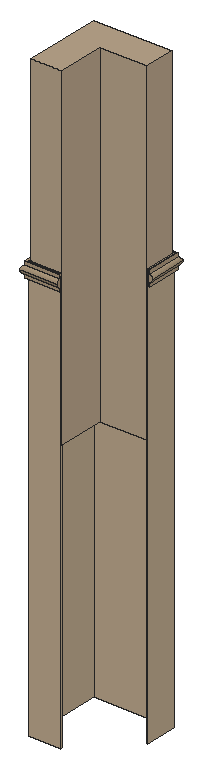
Revit family "GEN_A3-672-CORNER-GRND", category Columns, Revit 2016
Family settings
  Cut with Voids When Loaded = No
  Automatically joins geometry to walls = Yes
  Shared = No
  Show family pre-cut in plan views = Yes
Parameters (values of type "646-DS-C-85")
  STEP = 0 mm
  NIB WIDTH = 575 mm
  NIB = 230 mm
  Assembly Code = ""
Reference planes
  plane 1 "Center (Front/Back)": y = 20
  plane 2: z = 0
  plane 3 "Center (Left/Right)": x = -20
  plane 4 "Left": x = -250
  plane 5 "Right": x = 325
  plane 6 "Back": y = 250
  plane 7 "Front": y = -325
  plane 8: z = 0
  plane 9: z = 850
  plane 10: z = 1020
Forms (mm)
  Extrusion 1, solid, material "-WALL"
    sketch origin (0, 0, 0) x (1, 0, 0) y (0, 1, 0)
      loop
        line (-250, -325) -> (-20, -325) -> (-20, 20) -> (325, 20) -> (325, 250) -> (-250, 250) -> (-250, -325)
    from 0 to 2465
  Extrusion 2, solid, material "-STONE PLINTH"
    sketch origin (0, 0, 0) x (1, 0, 0) y (0, 1, 0)
      loop
        line (-20, -325) -> (-250, -325) -> (-250, 250) -> (325, 250) -> (325, 20) -> (335, 20) -> (335, 260) -> (-260, 260) -> (-260, -335) -> (-20, -335) -> (-20, -325)
    from -2000 to 1130
  Sweep 3, solid, material "-CORBEL"
    path origin (-1690.302, 0, 1105) x (0, 1, 0) y (-1, 0, 0)
      loop
        line (20, -2025.302) -> (260, -2025.302) -> (260, -1430.302) -> (-335, -1430.302) -> (-335, -1670.302)
    profile "MOKOKA wrap : MOKOKA wrap" origin (335, 140, 1105) x (-1, 0, 0) y (0, 0, 1)
      loop
        line (-15, 25) -> (-15, 0)
        arc (-15, 0) -> (-29.542, -11.972) -> (-35, -30) r 32.5
        arc (-35, -30) -> (-29.542, -48.028) -> (-15, -60) r 32.5
        line (-15, -60) -> (-15, -85) -> (0, -85) -> (0, 25) -> (-15, 25)
Dimensions and locks
  "NIB WIDTH": plane 4 "Left" to plane 5 "Right"
  "NIB WIDTH": plane 7 "Front" to plane 6 "Back"
  "NIB": plane 1 "Center (Front/Back)" to plane 6 "Back"
  "NIB": plane 4 "Left" to plane 3 "Center (Left/Right)"
  "STEP": plane 8 to level
  level to plane 9 to plane 10 = 850 mm locked, 170 mm locked
  aligned and locked: Extrusion 1 sketch curve to plane 4 "Left"
  aligned and locked: Extrusion 1 sketch curve to plane 6 "Back"
  aligned and locked: Extrusion 1 sketch curve to plane 5 "Right"
  aligned and locked: Extrusion 1 sketch curve to plane 7 "Front"
  aligned and locked: Extrusion 1 sketch curve to plane 3 "Center (Left/Right)"
  aligned and locked: Extrusion 1 sketch curve to plane 1 "Center (Front/Back)"
  aligned and locked: level to Extrusion 1
  aligned and locked: plane 8 to Extrusion 1
  aligned and locked: Sweep 3 to Extrusion 2
Automatic sketch dimensions
  Extrusion 2 sketch curve to plane 4 "Left" = 0 mm
  Extrusion 2 sketch curve to plane 3 "Center (Left/Right)" = 0 mm
  Extrusion 2 sketch curve to plane 1 "Center (Front/Back)" = 0 mm
  Extrusion 2 sketch curve to plane 5 "Right" = 0 mm
  Extrusion 2 sketch curve to plane 7 "Front" = 0 mm
  Extrusion 2 sketch curve to plane 6 "Back" = 0 mm
  plane 4 "Left" to Extrusion 2 sketch curve = 10 mm
  Extrusion 2 sketch curve to Extrusion 2 sketch curve = 10 mm
  plane 7 "Front" to Extrusion 2 sketch curve = 10 mm
  Extrusion 2 sketch curve to plane 6 "Back" = 10 mm
  Sweep 3 sketch curve to plane 3 "Center (Left/Right)" = 0 mm
  Sweep 3 sketch curve to plane 1 "Center (Front/Back)" = 0 mm
  plane 7 "Front" to Sweep 3 sketch curve = 10 mm
  Sweep 3 sketch curve to plane 6 "Back" = 10 mm
  Sweep 3 sketch curve to plane 5 "Right" = 10 mm
  plane 4 "Left" to Sweep 3 sketch curve = 10 mm
